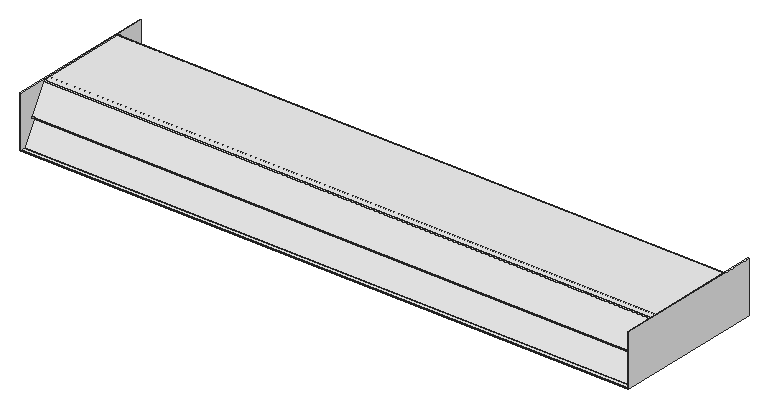
Revit family "RVL1x4", category Lighting Fixtures, host Ceiling, Revit 2019
Family settings
  Host = Ceiling
  Round Connector Dimension = Use Diameter
  Part Type = Normal
  OmniClass Number = 23.80.70.11.14.17
  OmniClass Title = Direct/Indirect
  Always vertical = Yes
  Cut with Voids When Loaded = No
  Light Source = Yes
  Shared = No
  Room Calculation Point = No
Parameters (values of type "RVL1X4-LED840K042LUNV")
  Width = 0' - 11 3/4"
  Wattage = 34 W
  built-in parameter 1150110 = 1 (stored number, unit not read)
  Voltage = 120 V
  URL = "https://www.viscor.com/en/products/revel"
  built-in parameter 1114217 = 0.9 (stored number, unit not read)
  Tilt Angle = 90.00°
  built-in parameter 1150109 = 1 (stored number, unit not read)
  built-in parameter 1150134 = 12
  built-in parameter 1150113 = 1 (stored number, unit not read)
  Photometric Web File = "RVL1X4-LED840K042LUNV.ies"
  Model = "RVL"  # constant formula
  Manufacturer = "VISIONEERING by VISCOR"  # constant formula
  Lumens = 3910 lm
  built-in parameter 1150115 = 1 (stored number, unit not read)
  built-in parameter 1150105 = 311.15 (stored number, unit not read)
  built-in parameter 1150137 = (empty or 0)
  built-in parameter 1150139 = (empty or 0)
  Lens Finish = Acrylic - Viscor - Frosted White
  Lens Depth = 0' - 0 1/32"
  Length = 3' - 11 3/4"
  Lamp Wattage = 34 VA
  built-in parameter 1150112 = 1 (stored number, unit not read)
  built-in parameter 1150114 = 1 (stored number, unit not read)
  Lamp = "LED"  # constant formula
  built-in parameter 1150132 = (empty or 0)
  built-in parameter 1150102 = (empty or 0)
  built-in parameter 1150138 = (empty or 0)
  built-in parameter 1150107 = 4000 (stored number, unit not read)
  built-in parameter 1150106 = 3.1115 (stored number, unit not read)
  Housing Finish = Metal - Viscor - White
  Emit from Rectangle Width = Width  # 0' - 11 3/4"
  Emit from Rectangle Length = Length  # 3' - 11 3/4"
  Emit from Rectangle Height = Lens Depth  # 0' - 0 1/32"
  Emit Shape Visible in Rendering = no
  built-in parameter 1150104 = 10.684 (stored number, unit not read)
  Dimming Lamp Color Temperature Shift = <None>
  Description = "Architectural Premium-Grade, Recessed, Lay-In T-Bar Troffer"  # constant formula
  Color Filter = 16777215
  built-in parameter 1114218 = 1 (stored number, unit not read)
  built-in parameter 1150133 = 10 (stored number, unit not read)
  Assembly Code = "D5020200"
  Apparent Load = Lamp Wattage  # 34 VA
Types (5): name | Wattage | URL | Photometric Web File | Lumens | built-in parameter 1150105 | Lamp Wattage | built-in parameter 1150106 | built-in parameter 1150104 | Apparent Load
  (no name) | 34 W | "https://www.viscor.com/en/products/revel" | "RVL1X4-LED840K042LUNV.ies" | 3910 lm | 311.15 (stored number, unit not read) | 34 VA | 3.1115 (stored number, unit not read) | 10.684 (stored number, unit not read) | 34 VA
  RVL1X4-LED840K050LUNV | 41 W | "https://www.viscor.com/en/products/bvl" | "RVL1X4-LED840K050LUNV.ies" | 5002 lm | 398.05 (stored number, unit not read) | 41 VA | 3.9805 (stored number, unit not read) | 11.334 (stored number, unit not read) | 41 VA
  RVL1X4-LED840K025LUNV | 21 W | "https://www.viscor.com/en/products/bvl" | "RVL1X4-LED840K025LUNV.ies" | 2562 lm | 203.88 (stored number, unit not read) | 21 VA | 2.0388 (stored number, unit not read) | 11.334 (stored number, unit not read) | 21 VA
  RVL1X4-LED840K035LUNV | 28 W | "https://www.viscor.com/en/products/bvl" | "RVL1X4-LED840K035LUNV.ies" | 3528 lm | 280.75 (stored number, unit not read) | 28 VA | 2.8075 (stored number, unit not read) | 11.706 (stored number, unit not read) | 28 VA
  RVL1X4-LED840K042LUNV | 34 W | "https://www.viscor.com/en/products/revel" | "RVL1X4-LED840K042LUNV.ies" | 3910 lm | 311.15 (stored number, unit not read) | 34 VA | 3.1115 (stored number, unit not read) | 10.684 (stored number, unit not read) | 34 VA
Reference planes (in)
  plane 1 "Light Source Axis (F/B)": y = 0
  plane 2 "Ceiling": z = 96
  plane 3 "Light Source Axis (L/R)": x = 0
  plane 4 "Light Source Elevation": z = 95.96875
  plane 5: y = 5.875
  plane 6: y = -5.875
  plane 7: x = -23.875
  plane 8: x = 23.875
  plane 9 "Lens Depth": z = 95.96875
  plane 10: x = -23.46875
  plane 11: x = 23.46875
  plane 12: x = -23.40625
  plane 13: x = 23.40625
  plane 14: x = -23.84375
  plane 15: x = 23.84375
Forms (in)
  Extrusion 1, void
    sketch origin (0, 0, 96) x (1, 0, 0) y (0, 1, 0)
      loop
        line (-23.875, -5.875) -> (23.875, -5.875) -> (23.875, 5.875) -> (-23.875, 5.875) -> (-23.875, -5.875)
    from -0.37748 to 4.45884
  Extrusion 2, solid, material "Metal - Viscor - White" <- "Housing Finish"
    sketch origin (0, 0, 0) x (0, 1, 0) y (0, 0, 1)
      loop
        line (5.5358, 95.96875) -> (5.875, 95.96875) -> (5.875, 96) -> (5.5358, 96)
        arc (5.5358, 96) -> (5.52042, 96.00412) -> (5.50917, 96.01537) r 0.03075
        line (5.50917, 96.01537) -> (4.52716, 97.71625)
        arc (4.52716, 97.71625) -> (4.52627, 97.74535) -> (4.55005, 97.76215) r 0.03075
        line (4.55005, 97.76215) -> (4.77079, 97.78925)
        arc (4.77079, 97.78925) -> (4.8251, 97.82763) -> (4.82307, 97.8941) r 0.07025
        line (4.82307, 97.8941) -> (3.65811, 99.91187)
        arc (3.65811, 99.91187) -> (3.6324, 99.93759) -> (3.59727, 99.947) r 0.07025
        line (3.59727, 99.947) -> (-3.59727, 99.947)
        arc (-3.59727, 99.947) -> (-3.6324, 99.93759) -> (-3.65811, 99.91187) r 0.07025
        line (-3.65811, 99.91187) -> (-4.82307, 97.8941)
        arc (-4.82307, 97.8941) -> (-4.8251, 97.82763) -> (-4.77079, 97.78925) r 0.07025
        line (-4.77079, 97.78925) -> (-4.55005, 97.76215)
        arc (-4.55005, 97.76215) -> (-4.52627, 97.74535) -> (-4.52716, 97.71625) r 0.03075
        line (-4.52716, 97.71625) -> (-5.50917, 96.01537)
        arc (-5.50917, 96.01537) -> (-5.52042, 96.00412) -> (-5.5358, 96) r 0.03075
        line (-5.5358, 96) -> (-5.875, 96) -> (-5.875, 95.96875) -> (-5.5358, 95.96875)
        arc (-5.5358, 95.96875) -> (-5.5048, 95.97706) -> (-5.4821, 95.99975) r 0.062
        line (-5.4821, 95.99975) -> (-4.5001, 97.70063)
        arc (-4.5001, 97.70063) -> (-4.49831, 97.75929) -> (-4.54624, 97.79317) r 0.062
        line (-4.54624, 97.79317) -> (-4.76699, 97.82027)
        arc (-4.76699, 97.82027) -> (-4.79713, 97.84158) -> (-4.79601, 97.87848) r 0.039
        line (-4.79601, 97.87848) -> (-3.63105, 99.89625)
        arc (-3.63105, 99.89625) -> (-3.61677, 99.91052) -> (-3.59727, 99.91575) r 0.039
        line (-3.59727, 99.91575) -> (3.59727, 99.91575)
        arc (3.59727, 99.91575) -> (3.61677, 99.91052) -> (3.63105, 99.89625) r 0.039
        line (3.63105, 99.89625) -> (4.79601, 97.87848)
        arc (4.79601, 97.87848) -> (4.79713, 97.84158) -> (4.76699, 97.82027) r 0.039
        line (4.76699, 97.82027) -> (4.54624, 97.79317)
        arc (4.54624, 97.79317) -> (4.49831, 97.75929) -> (4.5001, 97.70063) r 0.062
        line (4.5001, 97.70063) -> (5.4821, 95.99975)
        arc (5.4821, 95.99975) -> (5.5048, 95.97706) -> (5.5358, 95.96875) r 0.062
    from -23.84375 to 23.84375
  Extrusion 3, solid, material "Metal - Viscor - White" <- "Housing Finish"
    sketch origin (0, 0, 0) x (0, 1, 0) y (0, 0, 1)
      loop
        line (5.875, 95.96875) -> (5.875, 99.96875) -> (-5.875, 99.96875) -> (-5.875, 95.96875) -> (5.875, 95.96875)
    from 23.84375 to 23.875
  Extrusion 4, solid, material "Metal - Viscor - White" <- "Housing Finish"
    sketch origin (0, 0, 0) x (0, 1, 0) y (0, 0, -1)
      loop
        line (5.875, -95.96875) -> (-5.875, -95.96875) -> (-5.875, -99.96875) -> (5.875, -99.96875) -> (5.875, -95.96875)
    from 23.84375 to 23.875
  Extrusion 5, solid, material "Metal - Viscor - White" <- "Housing Finish"
    sketch origin (0, 0, 0) x (0, 1, 0) y (0, 0, 1)
      loop
        line (2.55332, 99.91575) -> (1.61632, 99.55607)
        arc (1.61632, 99.55607) -> (1.59394, 99.54126) -> (1.57992, 99.51837) r 0.062
        line (1.57992, 99.51837) -> (0.6875, 96.9266) -> (0.6875, 96.64275) -> (0.71875, 96.64275) -> (0.71875, 96.92137) -> (1.61413, 99.52176) -> (2.55912, 99.8845) -> (3.10759, 99.8845) -> (3.10759, 99.91575) -> (2.55332, 99.91575)
    from -23.84375 to 23.84375
  Extrusion 6, solid, material "Metal - Viscor - White" <- "Housing Finish"
    sketch origin (0, 0, 0) x (0, -1, 0) y (0, 0, -1)
      loop
        line (2.55332, -99.91575) -> (3.10759, -99.91575) -> (3.10759, -99.8845) -> (2.55912, -99.8845) -> (1.61413, -99.52176) -> (0.71875, -96.92137) -> (0.71875, -96.64275) -> (0.6875, -96.64275) -> (0.6875, -96.9266) -> (1.57992, -99.51837)
        arc (1.57992, -99.51837) -> (1.59394, -99.54126) -> (1.61632, -99.55607) r 0.062
        line (1.61632, -99.55607) -> (2.55332, -99.91575)
    from -23.84375 to 23.84375
  Extrusion 7, solid, material "Acrylic - Viscor - Frosted White" <- "Lens Finish"
    sketch origin (0, 0, 0) x (0, 1, 0) y (0, 0, 1)
      loop
        line (4.62603, 97.85013) -> (4.61367, 97.88817) -> (0.75, 96.63279) -> (0.76236, 96.59475) -> (4.62603, 97.85013)
    from -23.84375 to 23.84375
  Extrusion 8, solid, material "Acrylic - Viscor - Frosted White" <- "Lens Finish"
    sketch origin (0, 0, 0) x (0, -1, 0) y (0, 0, -1)
      loop
        line (4.62603, -97.85013) -> (0.76236, -96.59475) -> (0.75, -96.63279) -> (4.61367, -97.88817) -> (4.62603, -97.85013)
    from -23.84375 to 23.84375
  Extrusion 9, solid, material "Metal - Viscor - White" <- "Housing Finish"
    sketch origin (0, 0, 0) x (0, 1, 0) y (0, 0, 1)
      loop
        arc (0.7265, 96.59475) -> (0.69892, 96.60617) -> (0.6875, 96.63375) r 0.039
        line (0.6875, 96.63375) -> (0.6875, 97.07175) -> (0.65625, 97.07175) -> (0.65625, 96.56175) -> (-0.64812, 96.56175) -> (-0.64812, 97.07175) -> (-0.6875, 97.07175) -> (-0.6875, 96.63375)
        arc (-0.6875, 96.63375) -> (-0.69892, 96.60617) -> (-0.7265, 96.59475) r 0.039
        line (-0.7265, 96.59475) -> (-1.089, 96.59475)
        arc (-1.089, 96.59475) -> (-1.117, 96.56675) -> (-1.089, 96.53875) r 0.028
        line (-1.089, 96.53875) -> (1.089, 96.53875)
        arc (1.089, 96.53875) -> (1.117, 96.56675) -> (1.089, 96.59475) r 0.028
        line (1.089, 96.59475) -> (0.7265, 96.59475)
    from -23.84375 to 23.84375
Dimensions and locks (in)
  equal spacing: host sketch curve, plane 3 "Light Source Axis (L/R)", host sketch curve
  equal spacing: host sketch curve, plane 1 "Light Source Axis (F/B)", host sketch curve
  host sketch curve to host sketch curve = 10' - 0"  (x2)
  equal spacing: plane 7, plane 3 "Light Source Axis (L/R)", plane 8
  "Length": plane 7 to plane 8
  equal spacing: plane 5, plane 1 "Light Source Axis (F/B)", plane 6
  "Width": plane 5 to plane 6
  "Emit from Rectangle Height": plane 4 "Light Source Elevation" to plane 2 "Ceiling"
  "Lens Depth": plane 2 "Ceiling" to plane 9 "Lens Depth"
  locked: plane 7 to plane 10 at 0.40625
  locked: plane 11 to plane 8 at 0.40625
  locked: plane 7 to plane 12 at 0.46875
  locked: plane 13 to plane 8 at 0.46875
  locked: plane 14 to plane 7 at 0.03125
  locked: plane 15 to plane 8 at 0.03125
  aligned and locked: plane 3 "Light Source Axis (L/R)" to imposter light
  aligned and locked: plane 1 "Light Source Axis (F/B)" to imposter light
  aligned and locked: plane 4 "Light Source Elevation" to imposter light
  aligned and locked: Extrusion 1 to plane 6
  aligned and locked: plane 5 to Extrusion 1
  aligned and locked: Extrusion 1 to plane 7
  aligned and locked: plane 8 to Extrusion 1
  aligned and locked: plane 15 to Extrusion 2
  aligned and locked: Extrusion 2 to plane 14
  aligned and locked: plane 8 to Extrusion 3
  aligned and locked: Extrusion 3 to plane 15
  aligned and locked: Extrusion 4 to plane 7
  aligned and locked: plane 14 to Extrusion 4
  aligned and locked: Extrusion 5 to plane 14
  aligned and locked: plane 15 to Extrusion 5
  aligned and locked: Extrusion 6 to plane 14
  aligned and locked: plane 15 to Extrusion 6
  aligned and locked: Extrusion 7 sketch curve to import instance
  aligned and locked: Extrusion 7 to plane 14
  aligned and locked: Extrusion 8 to plane 14
  aligned and locked: plane 15 to Extrusion 7
  aligned and locked: plane 15 to Extrusion 8
  aligned and locked: Extrusion 9 to plane 14
  aligned and locked: plane 15 to Extrusion 9
Automatic sketch dimensions
  Extrusion 1 sketch curve to plane 5 = 0' - 0"
  Extrusion 1 sketch curve to plane 7 = 0' - 0"
  Extrusion 1 sketch curve to plane 8 = 0' - 0"
  Extrusion 1 sketch curve to plane 6 = 0' - 0"
  Extrusion 2 sketch curve to Extrusion 2 sketch curve = 0' - 0"  (x16)
  plane 4 "Light Source Elevation" to Extrusion 2 sketch curve = 0' - 0"  (x2)
  Extrusion 2 sketch curve to plane 6 = 0' - 0"
  Extrusion 2 sketch curve to plane 2 "Ceiling" = 0' - 0"  (x2)
  Extrusion 2 sketch curve to plane 5 = 0' - 0"
  plane 2 "Ceiling" to Extrusion 2 sketch curve = 0' - 0.03075"  (x2)
  plane 6 to Extrusion 2 sketch curve = 0' - 0.3392"
  plane 2 "Ceiling" to Extrusion 2 sketch curve = 0' - 0.01537"  (x2)
  Extrusion 2 sketch curve to plane 2 "Ceiling" = 0' - 0.00025"  (x2)
  plane 6 to Extrusion 2 sketch curve = 0' - 1.05193"
  Extrusion 2 sketch curve to Extrusion 2 sketch curve = 0' - 0.02706"  (x6)
  Extrusion 2 sketch curve to Extrusion 2 sketch curve = 0' - 0.02521"
  Extrusion 2 sketch curve to Extrusion 2 sketch curve = 0' - 0.00381"  (x4)
  Extrusion 2 sketch curve to Extrusion 2 sketch curve = 0' - 0.00475"  (x2)
  Extrusion 2 sketch curve to Extrusion 2 sketch curve = 0' - 0.217"
  Extrusion 2 sketch curve to Extrusion 2 sketch curve = 0' - 0.00375"
  Extrusion 2 sketch curve to Extrusion 2 sketch curve = 0' - 0.02663"  (x2)
  plane 6 to Extrusion 2 sketch curve = 0' - 2.21689"
  Extrusion 2 sketch curve to Extrusion 2 sketch curve = 0' - 0.03377"  (x3)
  Extrusion 2 sketch curve to plane 5 = 0' - 2.27773"
  Extrusion 2 sketch curve to plane 5 = 0' - 1.3749"
  Extrusion 2 sketch curve to Extrusion 2 sketch curve = 0' - 0.01907"
  Extrusion 2 sketch curve to Extrusion 2 sketch curve = 0' - 0.21599"
  Extrusion 2 sketch curve to plane 5 = 0' - 0.3929"
  plane 2 "Ceiling" to Extrusion 2 sketch curve = 0' - 1.70063"  (x2)
  Extrusion 2 sketch curve to Extrusion 2 sketch curve = 0' - 0 1/64"  (x3)
  Extrusion 2 sketch curve to Extrusion 2 sketch curve = 0' - 0.01537"  (x2)
  Extrusion 2 sketch curve to Extrusion 2 sketch curve = 0' - 0.0271"  (x2)
  Extrusion 2 sketch curve to Extrusion 2 sketch curve = 0' - 0.03102"  (x2)
  Extrusion 2 sketch curve to Extrusion 2 sketch curve = 0' - 0.03871"  (x2)
  Extrusion 2 sketch curve to Extrusion 2 sketch curve = 0' - 2.08358"  (x2)
  Extrusion 2 sketch curve to Extrusion 2 sketch curve = 0' - 0.0195"
  plane 4 "Light Source Elevation" to Extrusion 3 sketch curve = 0' - 0"
  Extrusion 3 sketch curve to plane 6 = 0' - 0"
  Extrusion 3 sketch curve to plane 5 = 0' - 0"
  plane 2 "Ceiling" to Extrusion 3 sketch curve = 0' - 3 31/32"
  plane 4 "Light Source Elevation" to Extrusion 4 sketch curve = 0' - 0"
  Extrusion 4 sketch curve to plane 6 = 0' - 0"
  Extrusion 4 sketch curve to plane 5 = 0' - 0"
  plane 2 "Ceiling" to Extrusion 4 sketch curve = 0' - 3 31/32"
  Extrusion 5 sketch curve to plane 1 "Light Source Axis (F/B)" = 0' - 0 11/16"
  Extrusion 5 sketch curve to Extrusion 5 sketch curve = 0' - 0 1/32"  (x2)
  Extrusion 5 sketch curve to plane 1 "Light Source Axis (F/B)" = 0' - 1.57992"
  Extrusion 5 sketch curve to Extrusion 5 sketch curve = 0' - 0.03422"
  Extrusion 5 sketch curve to Extrusion 5 sketch curve = 0' - 0.00219"
  Extrusion 5 sketch curve to Extrusion 5 sketch curve = 0' - 0.02441"
  Extrusion 5 sketch curve to Extrusion 5 sketch curve = 0' - 0.937"
  Extrusion 5 sketch curve to Extrusion 5 sketch curve = 0' - 0.00579"
  Extrusion 5 sketch curve to Extrusion 5 sketch curve = 0' - 0.54847"
  plane 2 "Ceiling" to Extrusion 5 sketch curve = 0' - 0.64275"
  Extrusion 5 sketch curve to Extrusion 5 sketch curve = 0' - 0.27862"
  Extrusion 5 sketch curve to Extrusion 5 sketch curve = 0' - 0.00523"
  Extrusion 5 sketch curve to Extrusion 5 sketch curve = 0' - 2.57682"
  Extrusion 5 sketch curve to Extrusion 5 sketch curve = 0' - 0.02019"
  Extrusion 5 sketch curve to Extrusion 5 sketch curve = 0' - 0.02357"
  Extrusion 5 sketch curve to Extrusion 5 sketch curve = 0' - 0.38631"
  Extrusion 6 sketch curve to plane 1 "Light Source Axis (F/B)" = 0' - 0 11/16"
  Extrusion 6 sketch curve to Extrusion 6 sketch curve = 0' - 0 1/32"  (x2)
  Extrusion 6 sketch curve to plane 1 "Light Source Axis (F/B)" = 0' - 1.57992"
  Extrusion 6 sketch curve to Extrusion 6 sketch curve = 0' - 0.03422"
  Extrusion 6 sketch curve to Extrusion 6 sketch curve = 0' - 0.00219"
  Extrusion 6 sketch curve to Extrusion 6 sketch curve = 0' - 0.02441"
  Extrusion 6 sketch curve to Extrusion 6 sketch curve = 0' - 0.937"
  Extrusion 6 sketch curve to Extrusion 6 sketch curve = 0' - 0.00579"
  Extrusion 6 sketch curve to Extrusion 6 sketch curve = 0' - 0.54847"
  Extrusion 6 sketch curve to plane 2 "Ceiling" = 0' - 0.64275"
  Extrusion 6 sketch curve to Extrusion 6 sketch curve = 0' - 0.27862"
  Extrusion 6 sketch curve to Extrusion 6 sketch curve = 0' - 0.00523"
  Extrusion 6 sketch curve to Extrusion 6 sketch curve = 0' - 2.57682"
  Extrusion 6 sketch curve to Extrusion 6 sketch curve = 0' - 0.02019"
  Extrusion 6 sketch curve to Extrusion 6 sketch curve = 0' - 0.02357"
  Extrusion 6 sketch curve to Extrusion 6 sketch curve = 0' - 0.38631"
  Extrusion 7 sketch curve to plane 1 "Light Source Axis (F/B)" = 0' - 0 3/4"
  plane 2 "Ceiling" to Extrusion 7 sketch curve = 0' - 0.59475"
  Extrusion 7 sketch curve to Extrusion 7 sketch curve = 0' - 0.01236"
  Extrusion 8 sketch curve to plane 1 "Light Source Axis (F/B)" = 0' - 0 3/4"
  Extrusion 8 sketch curve to plane 2 "Ceiling" = 0' - 0.59475"
  Extrusion 8 sketch curve to Extrusion 8 sketch curve = 0' - 0.01236"
  Extrusion 8 sketch curve to plane 6 = 0' - 1.26133"
  Extrusion 8 sketch curve to Extrusion 8 sketch curve = 0' - 0.03804"
  plane 2 "Ceiling" to Extrusion 9 sketch curve = 0' - 0.53875"
  plane 1 "Light Source Axis (F/B)" to Extrusion 9 sketch curve = 0' - 1.089"
  Extrusion 9 sketch curve to Extrusion 9 sketch curve = 0' - 0.3625"  (x2)
  Extrusion 9 sketch curve to Extrusion 9 sketch curve = 0' - 0.039"  (x2)
  Extrusion 9 sketch curve to Extrusion 9 sketch curve = 0' - 0.03938"
  Extrusion 9 sketch curve to plane 1 "Light Source Axis (F/B)" = 0' - 0 21/32"
  Extrusion 9 sketch curve to Extrusion 9 sketch curve = 0' - 0 1/32"
  Extrusion 9 sketch curve to Extrusion 9 sketch curve = 0' - 0.023"
  Extrusion 9 sketch curve to Extrusion 9 sketch curve = 0' - 0.028"  (x2)
  Extrusion 9 sketch curve to Extrusion 9 sketch curve = 0' - 0.438"  (x2)
Connectors (in)
  electrical at (0, 0, 96), driven by "Voltage", driven by "Apparent Load"
    settings: index 1, voltage 120 V, apparent load 0 VA, apparent load phase1 34 VA, apparent load phase2 0 VA, apparent load phase3 0 VA, power factor 1, load classification "Other", number of poles 1, system type 31, power factor state 1, is connector primary yes, connector utility no, sub classification motor no, connector description ""
